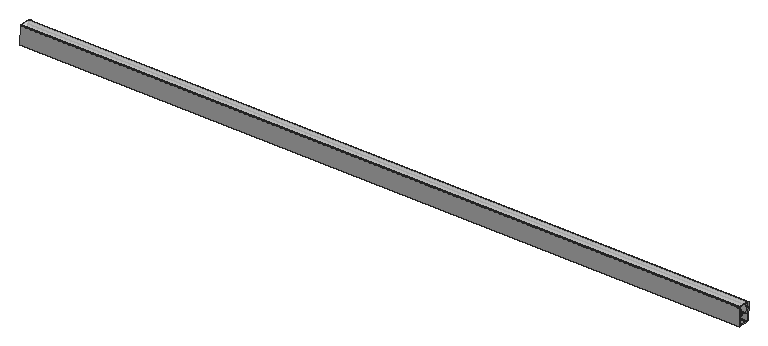
Revit family "2093125 Sylvania Lighting Fixture MC2 3-6M 3K DALI WHT OPAL Surface", category Lighting Fixtures, host Face, Revit 2016
Family settings
  Host = Face
  Part Type = Normal
  Round Connector Dimension = Use Diameter
  OmniClass Number = 23.80.70.11.17
  OmniClass Title = Specialized Lighting by Location or Use
  Cut with Voids When Loaded = No
  Light Source = Yes
  Shared = No
  Room Calculation Point = No
Parameters (values of type "2093125 MC2 3.6M 3K DALI WHT OPAL Surface")
  Width_SYL = 54.0 mm
  Weight = "7.5 kg"
  Wattage = 63 W
  WarrantyStartDate [instance] = "n/a"
  WarrantyGuarantorParts = "n/a"
  WarrantyDurationUnit = "n/a"
  WarrantyDurationParts = "n/a"
  WarrantyDescription = "n/a"
  built-in parameter 1150110 = 1 (stored number, unit not read)
  Voltage = 0 V
  URL = "http://www.sylvania-lighting.com"
  TypeName = "MC2 3.6M 3K DALI WHT OPAL Surface"
  built-in parameter 1114217 = 1 (stored number, unit not read)
  Tilt Angle = -90.00°
  built-in parameter 1150109 = 1 (stored number, unit not read)
  built-in parameter 1150134 = (empty or 0)
  built-in parameter 1150113 = 1 (stored number, unit not read)
  SerialNumber [instance] = "n/a"
  PowerFactor = 0.98
  PowerConsumption = "63 W"
  NominalWidth = 0.0 mm
  NominalLength = 3600.0 mm
  NominalHeight = 86.0 mm
  Name = "MC2 3.6M 3K DALI WHT OPAL Surface"
  ModelReference = "MC2 3.6M 3K DALI WHT OPAL Surface"
  ModelNumber = "2093125"
  Material_3_SYL = Metal_Sylvania_Mini Contiuum II_Silver
  Photometric Web File = "2093125.ies"
  Material_4_SYL = Metal_Sylvania_Mini Contiuum II_Silver
  Material = "aluminium housing, polycarbonate diffuser"
  ManufacturerName = "Feilo Sylvania"
  LuminousEfficacy = "105 lm/W"
  LuminaireType = ""
  LightOutputRatio = "100"
  Length_SYL = 3600.0 mm
  LampsType = Lamp  # "LED"
  LampNominalLuminous = "6621 lm"
  LampMacAdamStep = "3"
  LampColourTemperature = "3000 K"
  LampColourRenderingIndex = "80"
  Keynote = "16500"
  InstallationDate [instance] = "n/a"
  InputVoltage = "n/a"
  InputNominalFrequency = "n/a"
  IngressProtection = "IP20"
  ImpactProtectionIndex = "n/a"
  IfcExportType = "IfcLightFixtureType"
  IfcExportAs = "IfcLightFixtureType"
  Height_SYL = 86.0 mm
  ExpectedLife = 50000
  EndCapRight_SYL [instance] = no
  EndCapLeft_SYL [instance] = no
  Emit from Rectangle Width = Width_SYL - 2.0 mm  # 52.0 mm
  Emit from Rectangle Length = Length_SYL  # 3600.0 mm
  Emit Shape Visible in Rendering = no
  ElectricShockClassification = "Class I"
  DurationUnit = "hours"
  DocumentationLiterature = "http://www.sylvania-lighting.com/product/en-int/products/2093125"
  DimmingControlOptions = "n/a"
  CreatedOn = "10/15/2018"
  CreatedBy = "@sylvania-lighting.com"
  built-in parameter 1114216 [instance] = 1 (stored number, unit not read)
  Model = "MC2 3.6M 3K DALI WHT OPAL Surface"
  Manufacturer = "Feilo Sylvania"
  built-in parameter 1150105 = 526.4 (stored number, unit not read)
  Lumens = 6615 lm
  built-in parameter 1150115 = 1 (stored number, unit not read)
  built-in parameter 1150137 = (empty or 0)
  built-in parameter 1150139 = (empty or 0)
  built-in parameter 1150112 = 1 (stored number, unit not read)
  built-in parameter 1150114 = 1 (stored number, unit not read)
  Lamp = "LED"
  built-in parameter 1150132 = 2
  built-in parameter 1150102 = (empty or 0)
  built-in parameter 1150107 = 3000 (stored number, unit not read)
  built-in parameter 1150138 = (empty or 0)
  built-in parameter 1150106 = 5.264 (stored number, unit not read)
  Material_1_SYL = Metal_Sylvania_Mini Continuum II_White
  built-in parameter 1150104 = 9.7548 (stored number, unit not read)
  Dimming Lamp Color Temperature Shift = <None>
  Material_2_SYL = Polycarbonate_Sylvania_Mini Continuum II_Opal_4000K
  Description = "2093125   MC2 3.6M 3K DALI WHT OPAL  Continuous lines of LED light, white RAL 9016, direct distribution, trimless detail for a seamless finish, suitable for recessed, semi-recessed, surface-mounted or suspended installation either horizontally or vertically, various accessories available, compact and minimalist design based on the Golden Mean, ideal for offices, meeting rooms, corridors, education facilities, museums and libraries, extruded aluminium body, diffuser: opal, colour temperature: 3000K warm white, total system power: 63W, total fixture output: 6621lm, luminaire efficacy: 105lm/W, LOR: 100%, colour rendering: Ra >80, LED Chromacity: 1 step MacAdam ellipse, lifetime: 60,000 hours at 90% of the original output (L90), energy class: A++, A+, A, IR/UV free light source without heat radiation, operating voltage: 220-240V / 50-60Hz, drive current: 800mA, electronic driver, DALI dimmable, electrical protection: CLASS I, IP20, suitable for internal environment only."
  Default Elevation = 0.0 mm
  Color Filter = 16777215
  built-in parameter 1140040 [instance] = 1
  BarCode [instance] = "n/a"
  built-in parameter 1114218 = 1 (stored number, unit not read)
  built-in parameter 1150133 = 10 (stored number, unit not read)
  AssetType = "Fixed"
  AssetIdentifier [instance] = "n/a"
  Assembly Code = "D5020200"
  Apparent Load = 63 VA
Reference planes
  plane 1 "Center (Front/Back)": y = 0
  plane 2 "Bottom Fixtures": z = 0
  plane 3 "Center (Left/Right)": x = 0
  plane 4 "Fixture Left": x = -1800
  plane 5 "Fixture Right": x = 1800
  plane 6 "Fixture Bottom": z = 86
  plane 7: z = 84
  plane 8: z = 82
  plane 9: z = 72.951
  plane 10: z = 42.951
  plane 11 "Fixture Top": z = 0
  plane 12 "Mounting Right": x = 1772
  plane 13 "Mounting Left": x = -1772
  plane 14: y = 27
  plane 15: y = -27
  plane 16: y = -26
  plane 17: y = -25
  plane 18: y = 26
  plane 19: y = 25
  plane 20: y = 11
  plane 21: y = -11
  plane 22: y = 24
  plane 23: y = 22
  plane 24: y = -22
  plane 25: y = 15
  plane 26: y = -15
  plane 27 "Upper Diffuser Left": x = -1650
  plane 28 "Upper Diffuser Right": x = 1650
  plane 29: x = -1802
  plane 30: x = 1802
Forms (mm)
  Extrusion 1, solid, material "Metal_Sylvania_Mini Continuum II_White" <- "Material_1_SYL", detail levels fine
    sketch origin (0, 0, 520) x (0, 1, 0) y (0, 0, 1)
      loop
        line (27, -434) -> (26, -434) -> (26, -436) -> (25, -436) -> (25, -518) -> (13, -518) -> (13, -516) -> (-13, -516) -> (-13, -518) -> (-25, -518) -> (-25, -436) -> (-26, -436) -> (-26, -434) -> (-27, -434) -> (-27, -520) -> (-11, -520) -> (-11, -518) -> (11, -518) -> (11, -520) -> (27, -520) -> (27, -434)
    from -1800 to 1800
  Extrusion 2, solid, material "Polycarbonate_Sylvania_Mini Continuum II_Opal_4000K" <- "Material_2_SYL", detail levels fine
    sketch origin (0, 0, 520) x (0, 1, 0) y (0, 0, 1)
      loop
        line (-26, -434) -> (-26, -436) -> (26, -436) -> (26, -434) -> (-26, -434)
    from -1800 to 1800
  Extrusion 3, solid, material "Metal_Sylvania_Mini Contiuum II_Silver" <- "Material_3_SYL", detail levels fine
    sketch origin (0, 0, 520) x (0, 1, 0) y (0, 0, 1)
      loop
        line (22, -447.049) -> (20.973, -447.049) -> (14.206, -476.049) -> (11, -476.049) -> (11, -477.049) -> (15, -477.049) -> (22, -447.049)
      loop
        line (-15, -477.049) -> (-11, -477.049) -> (-11, -476.049) -> (-14.206, -476.049) -> (-20.973, -447.049) -> (-22, -447.049) -> (-15, -477.049)
    from -1800 to 1800
  Extrusion 4, solid, material "Metal_Sylvania_Mini Continuum II_White" <- "Material_1_SYL", detail levels coarse+medium
    sketch origin (0, 0, 520) x (0, 1, 0) y (0, 0, 1)
      loop
        line (-27, -434) -> (-27, -520) -> (27, -520) -> (27, -434) -> (-27, -434)
    from -1800 to 1800
  Extrusion 5, solid, material "Metal_Sylvania_Mini Continuum II_White" <- "Material_1_SYL", visible <- "EndCapLeft_SYL"
    sketch origin (-1800, 171.684, 1219.2) x (0, 1, 0) y (0, 0, 1)
      loop
        line (-198.684, -1219.2) -> (-144.684, -1219.2) -> (-144.684, -1133.2) -> (-198.684, -1133.2) -> (-198.684, -1219.2)
    from 0 to -2
  Extrusion 6, solid, material "Metal_Sylvania_Mini Continuum II_White" <- "Material_1_SYL", visible <- "EndCapRight_SYL"
    sketch origin (1800, 171.684, 1219.2) x (0, 1, 0) y (0, 0, -1)
      loop
        line (-144.684, 1133.2) -> (-144.684, 1219.2) -> (-198.684, 1219.2) -> (-198.684, 1133.2) -> (-144.684, 1133.2)
    from 0 to -2
Lines and regions (mm)
  Masking region 1
    outline origin (0, 0, -86) x (-1, 0, 0) y (0, -1, 0)
      loop
        line (1800, -27) -> (1800, 27) -> (-1800, 27) -> (-1800, -27) -> (1800, -27)
  symbolic lines, detail levels fine
    curve 1: line (-1800, 26, -86) -> (1800, 26, -86)
    curve 2: line (-1800, -26, -86) -> (1800, -26, -86)
Dimensions and locks
  host sketch curve to plane 3 "Center (Left/Right)" to host sketch curve = 820.0 mm, 775.047 mm
  equal spacing: plane 4 "Fixture Left", plane 3 "Center (Left/Right)", plane 5 "Fixture Right"
  "Length_SYL": plane 4 "Fixture Left" to plane 5 "Fixture Right"
  plane 6 "Fixture Bottom" to plane 7 to plane 8 to plane 9 to plane 10 = 2.0 mm locked, 2.0 mm locked, 9.049 mm locked, 30.0 mm locked
  locked: Extrusion 1 sketch curve to Extrusion 1 sketch curve at 2
  locked: Extrusion 1 sketch curve to plane 11 "Fixture Top" at 2
  "Height_SYL": plane 6 "Fixture Bottom" to plane 11 "Fixture Top"
  locked: plane 12 "Mounting Right" to plane 5 "Fixture Right" at 28
  locked: plane 4 "Fixture Left" to plane 13 "Mounting Left" at 28
  plane 6 "Fixture Bottom" to plane 2 "Bottom Fixtures" = 86.0 mm
  equal spacing: plane 14, plane 1 "Center (Front/Back)", plane 15
  "Width_SYL": plane 14 to plane 15
  plane 21 to plane 26 to plane 24 to plane 17 to plane 16 to plane 15 = 4.0 mm locked, 7.0 mm locked, 3.0 mm locked, 1.0 mm locked, 1.0 mm locked
  plane 14 to plane 18 to plane 19 to plane 22 to plane 23 to plane 25 to plane 20 = 1.0 mm locked, 1.0 mm locked, 1.0 mm locked, 2.0 mm locked, 7.0 mm locked, 4.0 mm locked
  locked: plane 4 "Fixture Left" to plane 27 "Upper Diffuser Left" at 150
  locked: plane 28 "Upper Diffuser Right" to plane 5 "Fixture Right" at 150
  equal spacing: plane 29, plane 3 "Center (Left/Right)", plane 30
  locked: plane 29 to plane 4 "Fixture Left" at 2
  aligned and locked: plane 2 "Bottom Fixtures" to host face
  aligned and locked: level to host face
  aligned and locked: plane 5 "Fixture Right" to curve 1
  aligned and locked: plane 4 "Fixture Left" to curve 1
  aligned and locked: plane 4 "Fixture Left" to curve 2
  aligned and locked: plane 5 "Fixture Right" to curve 2
  aligned and locked: Extrusion 1 sketch curve to plane 7
  aligned and locked: plane 6 "Fixture Bottom" to Extrusion 1 sketch curve  (x2)
  aligned and locked: plane 7 to Extrusion 1 sketch curve
  aligned and locked: Extrusion 1 to Extrusion 2 sketch curve
  aligned and locked: Extrusion 2 sketch curve to Extrusion 1  (x3)
  aligned and locked: Extrusion 3 sketch curve to plane 10
  aligned and locked: plane 9 to Extrusion 3 sketch curve
  aligned and locked: Extrusion 3 sketch curve to plane 9
  aligned and locked: Extrusion 4 sketch curve to plane 6 "Fixture Bottom"
  aligned and locked: Extrusion 4 to plane 4 "Fixture Left"
  aligned and locked: Extrusion 2 to plane 4 "Fixture Left"
  aligned and locked: Extrusion 3 to plane 4 "Fixture Left"
  aligned and locked: Extrusion 1 to plane 4 "Fixture Left"
  aligned and locked: Extrusion 4 to plane 5 "Fixture Right"
  aligned and locked: Extrusion 2 to plane 5 "Fixture Right"
  aligned and locked: Extrusion 3 to plane 5 "Fixture Right"
  aligned and locked: Extrusion 1 to plane 5 "Fixture Right"
  aligned and locked: plane 11 "Fixture Top" to Extrusion 4 sketch curve
  aligned and locked: Extrusion 1 sketch curve to plane 11 "Fixture Top"  (x2)
  aligned and locked: Extrusion 1 sketch curve to Extrusion 1 sketch curve
  aligned and locked: plane 6 "Fixture Bottom" to imposter light
  aligned and locked: plane 20 to Extrusion 3 sketch curve
  aligned and locked: Extrusion 3 sketch curve to plane 21
  aligned and locked: Extrusion 5 sketch curve to Extrusion 4  (x4)
  aligned and locked: Extrusion 5 to plane 29
  aligned and locked: plane 4 "Fixture Left" to Extrusion 5
  aligned and locked: Extrusion 6 sketch curve to Extrusion 4  (x4)
  aligned and locked: plane 30 to Extrusion 6
  aligned and locked: plane 5 "Fixture Right" to Extrusion 6
Automatic sketch dimensions
  host sketch curve to host sketch curve = 1047.463 mm
  plane 18 to curve 1 = 0.0 mm
  curve 2 to plane 16 = 0.0 mm
  Masking region 1 sketch curve to plane 5 "Fixture Right" = 0.0 mm
  Masking region 1 sketch curve to plane 4 "Fixture Left" = 0.0 mm
  plane 14 to Masking region 1 sketch curve = 0.0 mm
  Masking region 1 sketch curve to plane 15 = 0.0 mm
  Extrusion 1 sketch curve to plane 15 = 0.0 mm
  Extrusion 1 sketch curve to plane 16 = 0.0 mm
  Extrusion 1 sketch curve to plane 17 = 0.0 mm
  Extrusion 1 sketch curve to plane 21 = 0.0 mm
  Extrusion 1 sketch curve to plane 20 = 0.0 mm
  Extrusion 1 sketch curve to plane 19 = 0.0 mm
  Extrusion 1 sketch curve to plane 18 = 0.0 mm
  Extrusion 1 sketch curve to plane 14 = 0.0 mm
  plane 11 "Fixture Top" to Extrusion 1 sketch curve = 2.0 mm
  Extrusion 1 sketch curve to plane 21 = 2.0 mm
  Extrusion 1 sketch curve to plane 20 = 2.0 mm
  Extrusion 3 sketch curve to plane 24 = 0.0 mm
  Extrusion 3 sketch curve to plane 26 = 0.0 mm
  Extrusion 3 sketch curve to plane 25 = 0.0 mm
  Extrusion 3 sketch curve to plane 23 = 0.0 mm
  plane 10 to Extrusion 3 sketch curve = 1.0 mm
  Extrusion 3 sketch curve to Extrusion 3 sketch curve = 1.027 mm
  plane 26 to Extrusion 3 sketch curve = 0.794 mm
  plane 25 to Extrusion 3 sketch curve = 0.794 mm
  plane 23 to Extrusion 3 sketch curve = 1.027 mm
  Extrusion 4 sketch curve to plane 15 = 0.0 mm
  Extrusion 4 sketch curve to plane 14 = 0.0 mm
  Extrusion 3 sketch curve to Extrusion 3 sketch curve = 0.0 mm
  Extrusion 3 sketch curve to plane 10 = 0.0 mm
Connectors
  electrical at (1800, 0, 35), driven by "Apparent Load"
    settings: on Extrusion 1, index 1, voltage 230 V, apparent load 0 VA, apparent load phase1 63 VA, apparent load phase2 0 VA, apparent load phase3 0 VA, power factor 1, load classification "Lighting", number of poles 1, system type 31, power factor state 1, is connector primary yes, connector utility no, sub classification motor no, connector description ""
